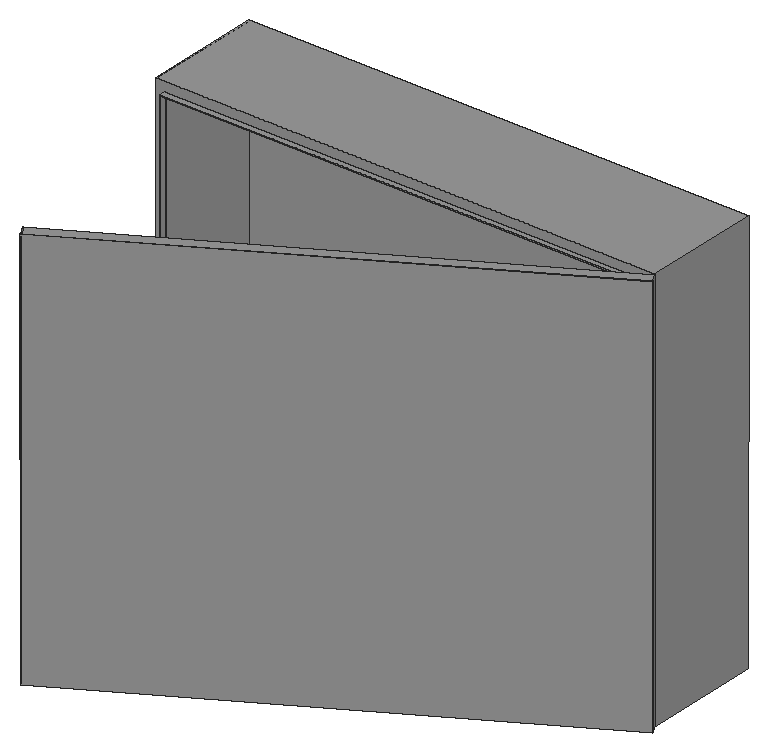
Revit family "Hager-Univers-IP44-D205-H650-Cl.I-Encl-NoHosted-SE-en", category Equipement électrique, Revit 2020
Family settings
  Configuration du panneau = Deux colonnes, circuits au sein
  Cote de connecteur circulaire = Utiliser le diamètre
  Type d'élément = Tableau de raccordement
  Basée sur le plan de construction = Oui
  Toujours verticalement = Oui
  Couper avec des vides une fois chargée = Non
  Partagée = Non
  Point de calcul de pièce = Non
Parameters (values of type "Surface mounted (plaster) IP44 W800 H650 D205  - FP43TN2")
  Width Control [instance] = if([EF000008 - Width] > Min Width, [EF000008 - Width], Min Width)  # 800 mm
  Commentaires du type = [HG000003 - Range]  # "Univers"
  Thickness Door [instance] = if([EF009171 - Material plate thickness door/cover] > 3 mm, 3 mm, [EF009171 - Material plate thickness door/cover])  # 1 mm
  Seal Frame Offset [instance] = 17 mm  # constant formula
  Plinth Visibility [instance] = [HG000027 - Plinth height] > 0 mm  # no
  Min Width [instance] = 100 mm  # constant formula
  Min Depth [instance] = (2 * [EF009170 - Material plate thickness cabinet]) + 1 mm  # 3 mm
  Min Height [instance] = 100 mm  # constant formula
  Internal Frame Depth [instance] = (Door System Depth * 0.5)  # 9 mm
  Panel Name [instance] = ""  # (empty or 0)
  Model = ""
  HG000027 - Plinth height = 0 mm
  HG000026 - Floor standing = no
  HG000024 - Bottom section height = 600 mm
  HG000023 - Double section enclosure = no
  HG000016 - Door 3d visibility [instance] = yes
  HG000015 - Clearance visibility [instance] = no
  HG000014 - Door on the right [instance] = yes
  HG000013 - Door on the left [instance] = not([HG000014 - Door on the right])  # no
  HG000012 - Door swing angle [instance] = 30.00°
  HG000010 - Asymmetric doors = no
  HG000009 - Double swing door = no
  HG000006 - Flush mounted = no
  HG000004 - Manufacturer reference = "FP43TN2"
  HG000003 - Range = "Univers"
  HG000002 - With door or cover = yes
  Frame Offset Bottom [instance] = 10 mm  # constant formula
  Frame Offset [instance] = 15 mm  # constant formula
  EF015940 - Cover with overpressure release = no
  EF011959 - Degree of protection (NEMA) = ""
  EF009554 - Number of openings for flange plates = 6
  EF009212 - Cover model = "EV000116 - Closed"
  EF009171 - Material plate thickness door/cover = 1 mm
  EF009170 - Material plate thickness cabinet = 1 mm
  EF008873 - Nominal current (In) = 250 A
  EF007800 - Suitable for lightning protection = no
  EF006306 - With lock = no
  EF006244 - Transparent cover/door = no
  EF005474 - Degree of protection (IP) = "EV006418 - IP44"
  EF004464 - Type of door = "EV002646 - Single"
  EF004427 - Number of modules = 144
  EF004293 - Impact strength = "EV006815 - IK09"
  EF003532 - Suitable for outdoor use = no
  EF002950 - Width in number of modular spacings = 36
  EF001613 - Circuit integrity = "EV000494 - None"
  EF001596 - Material housing = "EV000179 - Steel"
  EF001131 - Internal depth = 205 mm
  EF001088 - Extension possible = yes
  EF000437 - Number of conduit inlets = 6
  EF000339 - Type of cover = "EV001012 - Cover"
  EF000266 - Number of rows = 4
  EF000218 - Built-in depth = 205 mm
  EF000118 - With mounting plate = no
  EF000116 - RAL-number = "9010"
  EF000049 - Depth = 205 mm
  EF000040 - Height = 650 mm
  EF000008 - Width = 800 mm
  EF000007 - Colour = "EV000202 - White"
  EF000003 - Mounting method = "EV000384 - Surface mounted (plaster)"
  Door System Leaf Tolerance [instance] = 1.5 mm  # constant formula
  Door System Depth [instance] = 18 mm  # constant formula
  Door Height [instance] = Height Control - [HG000027 - Plinth height]  # 650 mm
  Description = ""
  Default Elevation = 1219.2 mm
  Connector Offset [instance] = Height Control / 2  # 325 mm
  Fabricant = "Hager"  # constant formula
  Height Control [instance] = if([EF000040 - Height] > Min Height, [EF000040 - Height], Min Height)  # 650 mm
  Depth Control [instance] = if([EF000049 - Depth] > Min Depth, [EF000049 - Depth], Min Depth)  # 205 mm
  Bottom Top Plate Trim [instance] = 1.5 mm  # constant formula
  Plinth height Ctrl [instance] = if([HG000027 - Plinth height] > 0 mm, [HG000027 - Plinth height], 12 mm)  # 12 mm
Types (5, lengths in mm): name | Width Control | HG000010 - Asymmetric doors | HG000009 - Double swing door | HG000004 - Manufacturer reference | EF009554 - Number of openings for flange plates | EF004464 - Type of door | EF004427 - Number of modules | EF002950 - Width in number of modular spacings | EF000437 - Number of conduit inlets | EF000008 - Width
  Surface mounted (plaster) IP44 W1050 H650 D205  - FP44TN2 | 1050 | no | yes | "FP44TN2" | 8 | "EV003602 - Double" | 192 | 48 | 8 | 1050
  Surface mounted (plaster) IP44 W1300 H650 D205  - FP45TN2 | 1300 | yes | yes | "FP45TN2" | 10 | "EV003602 - Double" | 240 | 60 | 10 | 1300
  Surface mounted (plaster) IP44 W300 H650 D205  - FP41TN2 | 300 | no | no | "FP41TN2" | 2 | "EV002646 - Single" | 48 | 12 | 2 | 300
  Surface mounted (plaster) IP44 W550 H650 D205  - FP42TN2 | 550 | no | no | "FP42TN2" | 4 | "EV002646 - Single" | 96 | 24 | 4 | 550
  Surface mounted (plaster) IP44 W800 H650 D205  - FP43TN2 | 800 | no | no | "FP43TN2" | 6 | "EV002646 - Single" | 144 | 36 | 6 | 800
Reference planes
  plane 1 "Center (Front/Back)": y = 0
  plane 2: z = 0
  plane 3 "Center (Left/Right)": x = 0
  plane 4: y = 0
  plane 5: y = 0
  plane 6: z = 0
  plane 7: x = -400
  plane 8: x = 400
  plane 9: x = 399
  plane 10: x = -399
  plane 11: z = 0
  plane 12: z = 1
  plane 13: y = -205
  plane 14: y = -1
  plane 15: x = 0
  plane 16: y = -187
  plane 17: y = -204
  plane 18: y = -186
  plane 19: x = -384
  plane 20: x = 384
  plane 21: z = 11
  plane 22: x = -383
  plane 23: x = 383
  plane 24: z = 0
  plane 25: z = 650
  plane 26: z = 650
  plane 27: z = 634
  plane 28: z = 649
Forms (mm)
  Extrusion 1, solid, material "Hager_Steel_RAL7035_Light_Grey", detail levels medium+fine
    sketch origin (-208.679, -4572, 0) x (-1, 0, 0) y (0, -1, 0)
      loop
        line (191.321, -4385) -> (-608.679, -4385) -> (-608.679, -4572) -> (191.321, -4572) -> (191.321, -4385)
    from 0 to 650
  Extrusion 2, void
    sketch origin (-350.771, -205, 1219.2) x (1, 0, 0) y (0, 0, 1)
      loop
        line (-48.229, -570.2) -> (-48.229, -1218.2) -> (749.771, -1218.2) -> (749.771, -570.2) -> (-48.229, -570.2)
    from -19 to -204
  Extrusion 3, void
    sketch origin (-290.084, -187, 1219.2) x (1, 0, 0) y (0, 0, 1)
      loop
        line (-93.916, -1208.2) -> (674.084, -1208.2) -> (674.084, -585.2) -> (-93.916, -585.2) -> (-93.916, -1208.2)
    from 0 to -1
  Extrusion 4, solid, material "Hager_Steel_RAL7035_Light_Grey", visible <- "Plinth Visibility", detail levels medium+fine
    sketch origin (0, 0, 0) x (1, 0, 0) y (0, 1, 0)
      loop
        line (-400, 0) -> (-400, -187) -> (400, -187) -> (400, 0) -> (-400, 0)
    from 0 to 12 <- "Plinth height Ctrl"
  Extrusion 5, solid, material "Hager_Steel_RAL7035_Light_Grey", detail levels coarse
    sketch origin (0, 0, 0) x (1, 0, 0) y (0, 1, 0)
      loop
        line (-400, 0) -> (-400, -205) -> (400, -205) -> (400, 0) -> (-400, 0)
    from 0 to 650 <- "Height Control"
  Sweep 6, void
    path in 3D
      loop
        line (-400, -187, 12) -> (400, -187, 12) -> (400, 0, 12) -> (-400, 0, 12) -> (-400, -187, 12)
    profile origin (-400, -93.5, 12) x (1, 0, 0) y (0, 0, 1)
      loop
        line (0, 0) -> (0, -1.5) -> (1.5, -1.5)
        arc (1.5, -1.5) -> (1.061, -0.439) -> (0, 0) r 1.5
  Extrusion 7, solid, material "Hager_Steel_RAL7035_Light_Grey", detail levels fine
    sketch origin (-400, -187, 0) x (1, 0, 0) y (0, 0, 1)
      loop
        line (16, 11) -> (784, 11) -> (784, 634) -> (16, 634) -> (16, 11)
      loop
        line (15, 10) -> (785, 10) -> (785, 635) -> (15, 635) -> (15, 10)
    from 0 to 9 <- "Internal Frame Depth"
Cuts and joins
  Extrusion 2, Extrusion 3 cuts Extrusion 1
  Sweep 6 cuts Extrusion 4
Lines and regions (mm)
  Masking region 1
    outline origin (0, 0, 0) x (1, 0, 0) y (0, 1, 0)
      loop
        line (-400, 0) -> (-400, -205) -> (400, -205) -> (400, 0) -> (-400, 0)
  Masking region 2, detail levels coarse
    outline origin (-290.084, -187, 1219.2) x (-1, 0, 0) y (0, 0, 1)
      loop
        line (-690.084, -1219.2) -> (109.916, -1219.2) -> (109.916, -569.2) -> (-690.084, -569.2) -> (-690.084, -1219.2)
  Masking region 3, detail levels coarse
    outline origin (0, 0, 0) x (0, 1, 0) y (0, 0, 1)
      loop
        line (0, 0) -> (0, 650) -> (-205, 650) -> (-205, 0) -> (0, 0)
  Masking region 4, visible <- "Plinth Visibility", detail levels medium+fine
    outline origin (0, 0, 0) x (0, 1, 0) y (0, 0, 1)
      loop
        line (-1.5, 12) -> (-185.5, 12)
        arc (-185.5, 12) -> (-185.939, 10.939) -> (-187, 10.5) r 1.5
        line (-187, 10.5) -> (-187, 0) -> (0, 0) -> (0, 10.5)
        arc (0, 10.5) -> (-1.061, 10.939) -> (-1.5, 12) r 1.5
  Masking region 5, detail levels medium+fine
    outline origin (0, 0, 594.038) x (0, 1, 0) y (0, 0, 1)
      loop
        line (0, -594.038) -> (0, 55.962) -> (-187, 55.962) -> (-187, -594.038) -> (0, -594.038)
  Masking region 6, detail levels medium+fine
    outline origin (-359.7, -187, 1211.883) x (-1, 0, 0) y (0, 0, 1)
      loop
        line (-759.7, -1211.883) -> (40.3, -1211.883) -> (40.3, -561.883) -> (-759.7, -561.883) -> (-759.7, -1211.883)
  Masking region 7, visible <- "Plinth Visibility", detail levels medium+fine
    outline origin (-320.334, -187, 1041.368) x (-1, 0, 0) y (0, 0, 1)
      loop
        line (-720.334, -1041.368) -> (79.666, -1041.368) -> (79.666, -1030.868)
        arc (79.666, -1030.868) -> (78.606, -1030.429) -> (78.166, -1029.368) r 1.5
        line (78.166, -1029.368) -> (-718.834, -1029.368)
        arc (-718.834, -1029.368) -> (-719.273, -1030.429) -> (-720.334, -1030.868) r 1.5
        line (-720.334, -1030.868) -> (-720.334, -1041.368)
  sketch lines
    curve 1: line (-400, 0, 12) -> (-400, -187, 12)
    curve 2: line (-400, -187, 12) -> (400, -187, 12)
    curve 3: line (400, 0, 12) -> (-400, 0, 12)
    curve 4: line (400, -187, 12) -> (400, 0, 12)
Dimensions and locks
  locked: plane 1 "Center (Front/Back)" to plane 5
  "EF009170 - Material plate thickness cabinet": plane 7 to plane 10
  "EF009170 - Material plate thickness cabinet": plane 8 to plane 9
  equal spacing: plane 7, plane 3 "Center (Left/Right)", plane 8
  "Width Control": plane 7 to plane 8
  "Depth Control": plane 4 to plane 13
  "EF009170 - Material plate thickness cabinet": plane 4 to plane 14
  "Height Control": plane 25 to level
  "HG000027 - Plinth height": plane 11 to level
  "EF009170 - Material plate thickness cabinet": plane 12 to plane 11
  "EF009170 - Material plate thickness cabinet": plane 17 to plane 13
  "EF009170 - Material plate thickness cabinet": plane 18 to plane 16
  "Frame Offset Bottom": plane 21 to plane 12
  "Frame Offset": plane 10 to plane 19
  "Frame Offset": plane 9 to plane 20
  "Door System Depth": plane 16 to plane 13
  "Seal Frame Offset": plane 7 to plane 22
  "Seal Frame Offset": plane 8 to plane 23
  "EF009170 - Material plate thickness cabinet": plane 26 to plane 28
  "Frame Offset": plane 28 to plane 27
  "Connector Offset": plane 2 to connector elem
  "Bottom Top Plate Trim": profile plane to Sweep 6 sketch curve
  "Bottom Top Plate Trim": Sweep 6 sketch curve to Sweep 6 sketch curve
  "Plinth height Ctrl": Masking region 4 sketch curve to level
  "Plinth height Ctrl": Masking region 7 sketch curve to level
  "Thickness Door": Extrusion 7 sketch curve to Extrusion 7 sketch curve  (x4)
  "Bottom Top Plate Trim": radius of Sweep 6 sketch curve
  "Bottom Top Plate Trim": radius of Masking region 4 sketch curve  (x2)
  "Bottom Top Plate Trim": radius of Masking region 7 sketch curve  (x2)
  aligned and locked: Extrusion 2 sketch curve to plane 12
  aligned and locked: Extrusion 2 sketch curve to plane 9
  aligned and locked: Extrusion 2 sketch curve to plane 10
  aligned and locked: Extrusion 2 to plane 14
  aligned and locked: Extrusion 1 sketch curve to plane 4
  aligned and locked: plane 8 to Extrusion 1 sketch curve
  aligned and locked: plane 7 to Extrusion 1 sketch curve
  aligned and locked: Extrusion 2 to plane 18
  aligned and locked: Extrusion 3 sketch curve to plane 19
  aligned and locked: plane 20 to Extrusion 3 sketch curve
  aligned and locked: Extrusion 3 to Extrusion 2
  aligned and locked: Extrusion 3 sketch curve to plane 21
  aligned and locked: plane 3 "Center (Left/Right)" to nested 1
  aligned and locked: Extrusion 1 sketch curve to plane 16
  aligned and locked: Extrusion 4 sketch curve to cut or joined group of Extrusion 1, Extrusion 2, Extrusion 3
  aligned and locked: Masking region 1 sketch curve to plane 7
  aligned and locked: Masking region 1 sketch curve to plane 5
  aligned and locked: Masking region 1 sketch curve to plane 8
  aligned and locked: Masking region 2 sketch curve to level
  aligned and locked: level to Masking region 3 sketch curve
  aligned and locked: plane 1 "Center (Front/Back)" to Masking region 3 sketch curve
  aligned and locked: plane 13 to Masking region 3 sketch curve
  aligned and locked: plane 5 to Masking region 4 sketch curve
  aligned and locked: Masking region 2 sketch curve to plane 8
  aligned and locked: Masking region 2 sketch curve to plane 7
  aligned and locked: plane 7 to nested 2
  aligned and locked: nested 2 to plane 5
  aligned and locked: plane 5 to Masking region 5 sketch curve
  aligned and locked: plane 26 to Masking region 5 sketch curve
  aligned and locked: Extrusion 5 sketch curve to plane 8
  aligned and locked: Extrusion 5 sketch curve to plane 7
  aligned and locked: Extrusion 5 sketch curve to plane 5
  aligned and locked: Extrusion 3 sketch curve to plane 27
  aligned and locked: Extrusion 2 sketch curve to plane 28
  aligned and locked: Masking region 2 to plane 25
  aligned and locked: Extrusion 4 to plane 16
  aligned and locked: profile plane to Sweep 6 sketch curve
  aligned and locked: Masking region 5 sketch curve to plane 24
  aligned and locked: level to Masking region 4 sketch curve
  aligned and locked: Masking region 1 to plane 13
  aligned and locked: nested 1 to plane 16
  aligned and locked: Masking region 3 to plane 25
  aligned and locked: plane 16 to Masking region 4 sketch curve
  aligned and locked: Masking region 5 sketch curve to plane 16
  aligned and locked: plane 24 to plane 11
  aligned and locked: plane 26 to plane 25
  aligned and locked: plane 26 to cut or joined group of Extrusion 1, Extrusion 2, Extrusion 3
  aligned and locked: nested 1 to plane 24
  aligned and locked: Extrusion 1 to Extrusion 3
  aligned and locked: Masking region 6 sketch curve to plane 8
  aligned and locked: Masking region 6 sketch curve to plane 24
  aligned and locked: Masking region 6 sketch curve to plane 7
  aligned and locked: Masking region 6 sketch curve to plane 26
  aligned and locked: Masking region 7 sketch curve to plane 7
  aligned and locked: level to Masking region 7 sketch curve
  aligned and locked: Masking region 7 sketch curve to plane 8
  aligned and locked: Extrusion 7 sketch curve to cut or joined group of Extrusion 1, Extrusion 2, Extrusion 3  (x4)
Automatic sketch dimensions
  plane 19 to Extrusion 3 sketch curve = 0 mm
  Extrusion 3 sketch curve to plane 20 = 0 mm
  Extrusion 3 sketch curve to plane 21 = 0 mm
  Extrusion 4 sketch curve to plane 7 = 0 mm
  Extrusion 4 sketch curve to plane 8 = 0 mm
  Extrusion 4 sketch curve to plane 16 = 0 mm
  Masking region 1 sketch curve to plane 13 = 0 mm
  Masking region 2 sketch curve to plane 25 = 0 mm
  Masking region 3 sketch curve to plane 25 = 0 mm
  Extrusion 5 sketch curve to plane 13 = 0 mm
  profile plane to Sweep 6 sketch curve = 0 mm
Nested families
  nested 1: "EC000058_Univers_Door" at (0, -187, 0), Double <- "HG000009 - Double swing door", Transparent <- "EF006244 - Transparent cover/door", Angle <- "HG000012 - Door swing angle", Door_Right <- "HG000014 - Door on the right", Assymetrical <- "HG000010 - Asymmetric doors", Door <- "HG000002 - With door or cover", Width_Ctrl <- "Width Control", 3d_Door <- "HG000016 - Door 3d visibility", Clearance <- "HG000015 - Clearance visibility", Door_Left <- "HG000013 - Door on the left", Width <- "Width Control", Door_Depth <- "Door System Depth", Leaf_Tolerance <- "Door System Leaf Tolerance", Height <- "Door Height", Lock_Visibility <- "EF006306 - With lock", Thickness <- "Thickness Door", type "EC000058_Univers_Door", detail levels medium+fine
    with min_wh 3 mm, Width_Ctrl 800 mm, Width 800 mm, Transparent no, Thickness 1 mm, Seal_Material Hager_Rubber, Lock_Visibility no, Lock_Material Hager_Plastic_RAL9005_Jet_Black, Leaf_Width 800 mm, Leaf_Tolerance_External_Sides 0 mm, Leaf_Tolerance 1.5 mm, Leaf_Offset 0 mm, Leaf_Height 647 mm, Leaf_2_Width 800 mm, Leaf_2_Offset 400 mm, Leaf_1_Width 800 mm, Leaf_1_Offset 400 mm, Height_Ctrl 650 mm, Height 650 mm, Glass_Material Hager_Glass, Double_Clearance_Ctrl no, Double no, Door_Right_Ctrl yes, Door_Right yes, Door_Material Hager_Steel_RAL7035_Light_Grey, Door_Left_Ctrl no, Door_Left no, Door_Depth 18 mm, Door yes, Clearance_Material Hager_Clearance, Clearance_Depth 800 mm, Clearance_Ctrl no, Clearance no, Assymetrical no, Angle 30.00°, 3d_Door yes
  nested 2: "Hager_Enclosure_Symbol" at (-400, 0, 0), Height <- "Depth Control", Width <- "Width Control", type "Hager_Enclosure_Symbol"
    with Width_Ctrl 800 mm, Width 800 mm, Height_Ctrl 205 mm, Height 205 mm, A_Width_Int 13.453 mm, A_Width 161.438 mm, A_Height_Ctrl 179.375 mm, A_Height 179.375 mm
Connectors
  electrical at (0, 0, 325)
    settings: on plane 1 "Center (Front/Back)", index 1, voltage 0 V, apparent load 0 VA, apparent load phase1 0 VA, apparent load phase2 0 VA, apparent load phase3 0 VA, power factor 1, load classification "Other", number of poles 1, system type 30, power factor state 1, is connector primary yes, connector utility no, sub classification motor no, connector description ""
Definition of nested family "EC000058_Univers_Door"
  Parameters (values of type "EC000058_Univers_Door")
    min_wh [instance] = (2 * Thickness) + 1 mm  # 11 mm
    Width_Ctrl [instance] = 400 mm
    Width [instance] = 500 mm
    Transparent [instance] = yes
    Thickness [instance] = 5 mm
    Seal_Material [instance] = none
    Lock_Visibility [instance] = yes
    Lock_Material [instance] = none
    Leaf_Width [instance] = if((Width_Ctrl - 2 * Leaf_Tolerance_External_Sides) > 0 mm, (Width_Ctrl - 2 * Leaf_Tolerance_External_Sides), min_wh)  # 400 mm
    Leaf_Tolerance_External_Sides [instance] = 0 mm  # constant formula
    Leaf_Tolerance [instance] = 1.5 mm
    Leaf_Offset [instance] = 0 mm  # constant formula
    Leaf_Height [instance] = if((Height_Ctrl - 2 * Leaf_Tolerance) > 0 mm, (Height_Ctrl - 2 * Leaf_Tolerance), min_wh)  # 497 mm
    Leaf_2_Width [instance] = if(and(and(Double, Assymetrical), Door_Left), (Leaf_Width / 3) - (Leaf_Tolerance / 2), if(and(and(Double, Assymetrical), Door_Right), (Leaf_Width / 3) * 2 - (Leaf_Tolerance / 2), if(and(Double, not(Assymetrical)), (Leaf_Width / 2) - Leaf_Tolerance, Leaf_Width)))  # 400 mm
    Leaf_2_Offset [instance] = if(and(Double, Assymetrical), Leaf_2_Width / 2, if(and(Double, not(Assymetrical)), Leaf_Width / 4, Leaf_Width / 2))  # 200 mm
    Leaf_1_Width [instance] = if(and(and(Double, Assymetrical), Door_Right), (Leaf_Width / 3) - (Leaf_Tolerance / 2), if(and(and(Double, Assymetrical), Door_Left), (Width / 3) * 2 - (Leaf_Tolerance / 2), if(and(Double, not(Assymetrical)), (Leaf_Width / 2) - Leaf_Tolerance, Leaf_Width)))  # 400 mm
    Leaf_1_Offset [instance] = if(and(Double, Assymetrical), Leaf_1_Width / 2, if(and(Double, not(Assymetrical)), Leaf_Width / 4, Leaf_Width / 2))  # 200 mm
    Height_Ctrl [instance] = if(Height > min_wh, Height, min_wh)  # 500 mm
    Height [instance] = 500 mm
    Glass_Material [instance] = none
    Double_Clearance_Ctrl [instance] = and(Double, Clearance)  # no
    Double [instance] = no
    Door_Right_Ctrl [instance] = and(or(Door_Right, Double), Door)  # yes
    Door_Right [instance] = yes
    Door_Material [instance] = none
    Door_Left_Ctrl [instance] = and(or(Door_Left, Double), Door)  # no
    Door_Left [instance] = no
    Door_Depth [instance] = 30 mm
    Door [instance] = yes
    Default Elevation = 1219.2 mm
    Clearance_Material [instance] = none
    Clearance_Depth [instance] = if(Leaf_1_Width > Leaf_2_Width, Leaf_1_Width, Leaf_2_Width)  # 400 mm
    Clearance_Ctrl [instance] = and(not(Double), Clearance)  # yes
    Clearance [instance] = yes
    Assymetrical [instance] = yes
    Angle [instance] = 30.00°
    3d_Door [instance] = yes
  Reference planes
    plane 1 "Center (Front/Back)": y = 0
    plane 2 "Bottom": z = 0
    plane 3 "Center (Left/Right)": x = 0
    plane 4: z = 500
    plane 5: x = -200
    plane 6: x = 200
    plane 7: z = 500
    plane 8: x = -200
    plane 9: z = 0
    plane 10: x = 200
    plane 11: y = 0
    plane 12: z = 1.5
    plane 13: x = -600
    plane 14: y = -400
    plane 15: x = 600
    plane 16: x = 0
    plane 17: x = 0
    plane 18: x = -200
    plane 19: x = 200
    plane 20: z = 498.5
  Forms (mm)
    Extrusion 1, solid, material <- "Clearance_Material", visible <- "Double_Clearance_Ctrl"
      sketch origin (1200, 0, 0) x (1, 0, 0) y (0, 0, -1)
        loop
          line (-1800, -498.5) -> (-600, -498.5) -> (-600, 0) -> (-1800, 0) -> (-1800, -498.5)
      from 0 to -400
  Dimensions and locks
    equal spacing: plane 5, plane 3 "Center (Left/Right)", plane 6
    "Width_Ctrl": plane 5 to plane 6
    "Leaf_Offset": plane 5 to plane 8
    "Leaf_Offset": plane 6 to plane 10
    "Leaf_Offset": plane 9 to level
    "Leaf_Offset": plane 4 to plane 7
    "Height_Ctrl": plane 4 to level
    "Leaf_Tolerance": plane 12 to plane 9
    locked: plane 11 to plane 1 "Center (Front/Back)"
    "Leaf_1_Offset": plane 18 to plane 16
    "Leaf_2_Offset": plane 17 to plane 19
    "Leaf_1_Width": plane 13 to plane 8
    "Leaf_2_Width": plane 10 to plane 15
    "Clearance_Depth": plane 14 to plane 1 "Center (Front/Back)"
    "Leaf_Tolerance_External_Sides": plane 8 to plane 18
    "Leaf_Tolerance_External_Sides": plane 19 to plane 10
    "Leaf_Tolerance": plane 7 to plane 20
    aligned and locked: level to plane 2 "Bottom"
    aligned and locked: nested 1 to plane 16
    aligned and locked: nested 2 to plane 17
    aligned and locked: Extrusion 1 to plane 13
    aligned and locked: plane 15 to Extrusion 1
    aligned and locked: Extrusion 1 to plane 14
    aligned and locked: plane 12 to nested 1
    aligned and locked: nested 2 to plane 12
    aligned and locked: Extrusion 1 to plane 11
    aligned and locked: plane 20 to Extrusion 1
    aligned and locked: nested 2 to plane 11
    aligned and locked: nested 1 to plane 11
  Automatic sketch dimensions
    Extrusion 1 sketch curve to level = 0 mm
    plane 5 to Extrusion 1 sketch curve = 400 mm
    plane 6 to Extrusion 1 sketch curve = 400 mm
    Extrusion 1 sketch curve to plane 4 = 1.5 mm
  Nested families
    nested 1: "EC000058_Univers_Door_Leaf" at (0, 0, 1.5), Width <- "Leaf_1_Width", visible <- "Door_Left_Ctrl", Leaf_Height <- "Leaf_Height", Angle <- "Angle", 3d_Door <- "3d_Door", Transparent <- "Transparent", Clearance Material <- "Clearance_Material", Clearance <- "Clearance_Ctrl", Door_Material <- "Door_Material", Glass_Material <- "Glass_Material", Door_Depth <- "Door_Depth", Lock_Material <- "Lock_Material", Seal_Material <- "Seal_Material", Lock_Visibility <- "Lock_Visibility", Thickness <- "Thickness", type "EC000058_Univers_Door_Leaf"
      with Width 400 mm, Transparent_Glass_Offset 30 mm, Transparent_Ctrl yes, Transparent yes, Thickness 5 mm, Standard no, Seal_Material none, Seal_D2 8 mm, Seal_D1 1 mm, Offset_Internal_Frame 10 mm, Lock_Width 20 mm, Lock_Visibility_3d yes, Lock_Visibility yes, Lock_Thickness_3 3 mm, Lock_Thickness_2 1 mm, Lock_Thickness_1 3 mm, Lock_Radius_Offset_2 16 mm, Lock_Radius_Offset_1 15 mm, Lock_Radius_2 5 mm, Lock_Radius 6 mm, Lock_Offset 5 mm, Lock_Material none, Lock_Height 80 mm, Lock_Cover_Top_Offset_2d 17 mm, Lock_Cover_Height -65 mm, Leaf_Height 497 mm, Internal_Seal_Thickness 8 mm, Internal_Seal_Depth_2 4.5 mm, Internal_Frame_Depth 25 mm, Glass_Thickness -1 mm, Glass_Offset -2 mm, Glass_Material none, Door_Material none, Door_Depth 30 mm, Clearance Material none, Clearance yes, Angle_Ctrl 30.00°, Angle 30.00°, 3d_Door yes
    nested 2: "EC000058_Univers_Door_Leaf" at (0, 0, 1.5) x (-1, 0, 0) z (0, 0, 1), Width <- "Leaf_2_Width", visible <- "Door_Right_Ctrl", Leaf_Height <- "Leaf_Height", Angle <- "Angle", 3d_Door <- "3d_Door", Transparent <- "Transparent", Clearance Material <- "Clearance_Material", Clearance <- "Clearance_Ctrl", Door_Material <- "Door_Material", Glass_Material <- "Glass_Material", Door_Depth <- "Door_Depth", Lock_Material <- "Lock_Material", Seal_Material <- "Seal_Material", Lock_Visibility <- "Lock_Visibility", Thickness <- "Thickness", type "EC000058_Univers_Door_Leaf"
      with Width 400 mm, Transparent_Glass_Offset 30 mm, Transparent_Ctrl yes, Transparent yes, Thickness 5 mm, Standard no, Seal_Material none, Seal_D2 8 mm, Seal_D1 1 mm, Offset_Internal_Frame 10 mm, Lock_Width 20 mm, Lock_Visibility_3d yes, Lock_Visibility yes, Lock_Thickness_3 3 mm, Lock_Thickness_2 1 mm, Lock_Thickness_1 3 mm, Lock_Radius_Offset_2 16 mm, Lock_Radius_Offset_1 15 mm, Lock_Radius_2 5 mm, Lock_Radius 6 mm, Lock_Offset 5 mm, Lock_Material none, Lock_Height 80 mm, Lock_Cover_Top_Offset_2d 17 mm, Lock_Cover_Height -65 mm, Leaf_Height 497 mm, Internal_Seal_Thickness 8 mm, Internal_Seal_Depth_2 4.5 mm, Internal_Frame_Depth 25 mm, Glass_Thickness -1 mm, Glass_Offset -2 mm, Glass_Material none, Door_Material none, Door_Depth 30 mm, Clearance Material none, Clearance yes, Angle_Ctrl 30.00°, Angle 30.00°, 3d_Door yes
  Definition of nested family "EC000058_Univers_Door_Leaf"
    Parameters (values of type "EC000058_Univers_Door_Leaf")
      Width [instance] = 2000 mm
      Transparent_Glass_Offset [instance] = 30 mm
      Transparent_Ctrl [instance] = and(Transparent, [3d_Door])  # yes
      Transparent [instance] = yes
      Thickness [instance] = 5 mm
      Standard [instance] = and(not(Transparent), [3d_Door])  # no
      Seal_Material [instance] = none
      Seal_D2 [instance] = 8 mm  # constant formula
      Seal_D1 [instance] = 1 mm  # constant formula
      Offset_Internal_Frame [instance] = 10 mm  # constant formula
      Lock_Width [instance] = 20 mm  # constant formula
      Lock_Visibility_3d [instance] = and(Lock_Visibility, [3d_Door])  # yes
      Lock_Visibility [instance] = yes
      Lock_Thickness_3 [instance] = 3 mm  # constant formula
      Lock_Thickness_2 [instance] = 1 mm  # constant formula
      Lock_Thickness_1 [instance] = 3 mm  # constant formula
      Lock_Radius_Offset_2 [instance] = Lock_Radius_Offset_1 + 1 mm  # 16 mm
      Lock_Radius_Offset_1 [instance] = 15 mm  # constant formula
      Lock_Radius_2 [instance] = Lock_Radius - 1 mm  # 5 mm
      Lock_Radius [instance] = 6 mm  # constant formula
      Lock_Offset [instance] = 5 mm  # constant formula
      Lock_Material [instance] = none
      Lock_Height [instance] = 80 mm  # constant formula
      Lock_Cover_Top_Offset_2d [instance] = Lock_Radius_Offset_2 + 1 mm  # 17 mm
      Lock_Cover_Height [instance] = -(Lock_Height - Lock_Radius_Offset_1)  # -65 mm
      Leaf_Height [instance] = 2720.336 mm
      Internal_Seal_Thickness [instance] = 8 mm  # constant formula
      Internal_Seal_Depth_2 [instance] = 4.5 mm  # constant formula
      Internal_Frame_Depth [instance] = if(Door_Depth - Thickness > 5 mm, Door_Depth - Thickness, 5 mm)  # 25 mm
      Glass_Thickness [instance] = if(Thickness > 15 mm, Glass_Offset + 10 mm, -1 mm)  # -1 mm
      Glass_Offset [instance] = if(Thickness > 15 mm, -(Thickness + 10 mm) / 2, -2 mm)  # -2 mm
      Glass_Material [instance] = none
      Door_Material [instance] = none
      Door_Depth [instance] = 30 mm
      Default Elevation = 0 mm
      Clearance Material [instance] = none
      Clearance [instance] = yes
      Angle_Ctrl [instance] = if(Angle > 180.00°, 180.00°, Angle)  # 90.00°
      Angle [instance] = 90.00°
      3d_Door [instance] = yes
    Reference planes
      plane 1 "Center (Front/Back)": y = 0
      plane 2: z = 0
      plane 3 "Center (Left/Right)": x = 0
      plane 4: y = 2000
      plane 5: x = -1000
      plane 6: x = 1000
      plane 7: x = -3000
      plane 8: z = 2720.336
      plane 9: z = 30
      plane 10: z = 2690.336
      plane 11: x = 970
      plane 12: x = -970
      plane 13: y = -3
      plane 14: z = 107.833
      plane 15: y = -5
      plane 16: y = -223.314
      plane 17: x = -1000
      plane 18: z = 1360.168
      plane 19: y = 30
    Forms (mm)
      Extrusion 1, solid, material <- "Clearance Material", visible <- "Clearance"
        sketch origin (0, 0, 0) x (1, 0, 0) y (0, 0, 1)
          loop
            line (-3000, 2720.336) -> (-3000, 0) -> (1000, 0) -> (1000, 2720.336) -> (-3000, 2720.336)
        from 0 to -2000
      Extrusion 2, solid, material <- "Door_Material", visible <- "Standard", detail levels medium+fine
        sketch origin (-1000, 0, 0) x (0, 1, 0) y (-1, 0, 0)
          loop
            line (0, 30) -> (0, 25) -> (2000, 25) -> (2000, 30) -> (0, 30)
        from 0 to 2720.336 <- "Leaf_Height"
      Extrusion 3, solid, material <- "Door_Material", visible <- "Transparent_Ctrl", detail levels medium+fine
        sketch origin (-1000, 0, 0) x (0, 1, 0) y (-1, 0, 0)
          loop
            line (0, 25) -> (2000, 25) -> (2000, 30) -> (0, 30) -> (0, 25)
        from 0 to 2720.336 <- "Leaf_Height"
      Extrusion 4, void
        sketch origin (-1025, 2000, 0) x (0, 1, 0) y (0, 0, -1)
          loop
            line (-30, -2690.336) -> (-30, -30) -> (-1970, -30) -> (-1970, -2690.336) -> (-30, -2690.336)
        from 0 to 5 <- "Thickness"
      Sweep 5, solid, material <- "Seal_Material", visible <- "Transparent_Ctrl", detail levels fine
        path in 3D
          loop
            line (-1025, 30, 30) -> (-1025, 30, 2690.336) -> (-1025, 1970, 2690.336) -> (-1025, 1970, 30) -> (-1025, 30, 30)
        profile origin (-1025, 1000, 30) x (1, 0, 0) y (0, 0, 1)
          loop
            line (0, 0) -> (0, -8) -> (1, -8) -> (1, 0) -> (0, 0)
      Extrusion 6, solid, material <- "Glass_Material", visible <- "Transparent_Ctrl", detail levels medium+fine
        sketch origin (-1030, 0, 0) x (0, 1, 0) y (0, 0, -1)
          loop
            line (1970, -2690.336) -> (1970, -30) -> (30, -30) -> (30, -2690.336) -> (1970, -2690.336)
        from -2 <- "Glass_Offset" to -1 <- "Glass_Thickness"
      Extrusion 7, solid, material <- "Door_Material", visible <- "3d_Door", detail levels medium+fine
        sketch origin (-1025, 2000, 0) x (0, -1, 0) y (0, 0, -1)
          loop
            line (0, -2720.336) -> (2000, -2720.336) -> (2000, 0) -> (0, 0) -> (0, -2720.336)
          loop
            line (1995, -5) -> (5, -5) -> (5, -2715.336) -> (1995, -2715.336) -> (1995, -5)
        from 0 to 25 <- "Internal_Frame_Depth"
      Sweep 8, solid, material <- "Seal_Material", visible <- "Transparent_Ctrl", detail levels fine
        path in 3D
          loop
            line (-1025, 0, 0) -> (-1025, 2000, 0) -> (-1025, 2000, 2720.336) -> (-1025, 0, 2720.336) -> (-1025, 0, 0)
        profile origin (-1025, 0, 1360.168) x (1, 0, 0) y (0, 1, 0)
          loop
            line (0, 10) -> (2.975, 10)
            arc (2.975, 10) -> (4.053, 10.447) -> (4.5, 11.525) r 1.525
            line (4.5, 11.525) -> (4.5, 16.527)
            arc (4.5, 16.527) -> (4.069, 17.569) -> (3.027, 18) r 1.473
            line (3.027, 18) -> (0, 18) -> (0, 10)
      Extrusion 9, solid, material <- "Lock_Material", visible <- "Lock_Visibility_3d", detail levels fine
        sketch origin (-1030, 0, 0) x (0, 1, 0) y (0, 0, -1)
          loop
            arc (1993.5, -1400.168) -> (1994.561, -1399.729) -> (1995, -1398.668) r 1.5
            line (1995, -1398.668) -> (1995, -1320.168) -> (1975, -1320.168) -> (1975, -1398.668)
            arc (1975, -1398.668) -> (1975.439, -1399.729) -> (1976.5, -1400.168) r 1.5
            line (1976.5, -1400.168) -> (1993.5, -1400.168)
        from 3 <- "Lock_Thickness_1" to 0
      Blend 10, solid, material <- "Lock_Material", visible <- "Lock_Visibility_3d", detail levels fine
        base sketch origin (-1033, 0, 0) x (0, 1, 0) y (0, 0, -1)
          loop
            line (1975, -1320.168) -> (1975, -1398.668)
            arc (1975, -1398.668) -> (1975.439, -1399.729) -> (1976.5, -1400.168) r 1.5
            line (1976.5, -1400.168) -> (1993.5, -1400.168)
            arc (1993.5, -1400.168) -> (1994.561, -1399.729) -> (1995, -1398.668) r 1.5
            line (1995, -1398.668) -> (1995, -1320.168) -> (1975, -1320.168)
        top sketch origin (-1033, 0, 0) x (0, 1, 0) y (0, 0, -1)
          loop
            line (1976, -1320.168) -> (1976, -1398.668)
            arc (1976, -1398.668) -> (1976.146, -1399.022) -> (1976.5, -1399.168) r 0.5
            line (1976.5, -1399.168) -> (1993.5, -1399.168)
            arc (1993.5, -1399.168) -> (1993.854, -1399.022) -> (1994, -1398.668) r 0.5
            line (1994, -1398.668) -> (1994, -1320.168) -> (1976, -1320.168)
        from 0 to 1 <- "Lock_Thickness_2"
      Blend 11, solid, material <- "Lock_Material", visible <- "Lock_Visibility_3d", detail levels fine
        base sketch origin (-1034, 0, 0) x (0, 1, 0) y (0, 0, -1)
          loop
            line (1978, -1320.168) -> (1978, -1384.168)
            arc (1978, -1384.168) -> (1985, -1391.168) -> (1992, -1384.168) r 7
            line (1992, -1384.168) -> (1992, -1320.168) -> (1978, -1320.168)
        top sketch origin (-1034, 0, 0) x (0, 1, 0) y (0, 0, -1)
          loop
            line (1991, -1320.168) -> (1979, -1320.168) -> (1979, -1383.168)
            arc (1979, -1383.168) -> (1985, -1389.168) -> (1991, -1383.168) r 6
            line (1991, -1383.168) -> (1991, -1320.168)
        from 0 to 3 <- "Lock_Thickness_3"
      Extrusion 12, solid, material <- "Lock_Material", visible <- "Lock_Visibility_3d", detail levels fine
        sketch origin (-1030, 1975, 1320.168) x (1, 0, 0) y (0, -1, 0)
          loop
            line (-7, -19) -> (-7, -1) -> (0, -1) -> (0, 0) -> (-8, 0) -> (-8, -20) -> (0, -20) -> (0, -19) -> (-7, -19)
        from 0 to -65 <- "Lock_Cover_Height"
      Extrusion 13, void
        sketch origin (-1038, 1995, 1320.168) x (-1, 0, 0) y (0, 0, -1)
          loop
            line (-5, -65) -> (0, -65) -> (-5, -60) -> (-5, -65)
        from 0 to 20 <- "Lock_Width"
      Extrusion 14, void
        sketch origin (-1038, 1975, 1320.168) x (0, -1, 0) y (0, 0, -1)
          loop
            circle (-10, -15.995) r 6
          loop
            circle (-10, -15.995) r 5
        from 0 to 2
      Extrusion 15, solid, material <- "Lock_Material", visible <- "Lock_Visibility_3d", detail levels medium
        sketch origin (-1030, 0, 0) x (0, 1, 0) y (0, 0, -1)
          loop
            arc (1993.5, -1400.168) -> (1994.561, -1399.729) -> (1995, -1398.668) r 1.5
            line (1995, -1398.668) -> (1995, -1320.168) -> (1975, -1320.168) -> (1975, -1398.668)
            arc (1975, -1398.668) -> (1975.439, -1399.729) -> (1976.5, -1400.168) r 1.5
            line (1976.5, -1400.168) -> (1993.5, -1400.168)
        from 8 to 0
    Cuts and joins
      Extrusion 4 cuts Extrusion 3
      Extrusion 13, Extrusion 14 cuts Extrusion 9
      Extrusion 14 cuts Blend 11
      Extrusion 13, Extrusion 14 cuts Extrusion 12
      joined: Extrusion 9, Blend 10, Blend 11, Extrusion 12
      Extrusion 14 cuts Extrusion 15
    Lines and regions (mm)
      Masking region 1, visible <- "Lock_Visibility", detail levels fine
        outline origin (0, 0, 0) x (0, 1, 0) y (0, 0, 1)
          loop
            line (30, 1320.168) -> (33, 1320.168) -> (33, 1400.168) -> (30, 1400.168) -> (30, 1320.168)
      Masking region 2, visible <- "Lock_Visibility", detail levels fine
        outline origin (0, 3.143, 0) x (0, 1, 0) y (0, 0, 1)
          loop
            line (29.857, 1354.168) -> (30.857, 1354.168) -> (30.857, 1366.168) -> (29.857, 1366.168) -> (29.857, 1354.168)
      Masking region 3, detail levels medium+fine
        outline origin (0, 0, 0) x (0, 1, 0) y (0, 0, 1)
          loop
            line (0, 0) -> (30, 0) -> (30, 2720.336) -> (0, 2720.336) -> (0, 0)
      Masking region 4, detail levels medium+fine
        outline origin (0, 0, 0) x (1, 0, 0) y (0, 0, 1)
          loop
            line (-1000, 2720.336) -> (-1000, 0) -> (1000, 0) -> (1000, 2720.336) -> (-1000, 2720.336)
      Masking region 5, visible <- "Lock_Visibility", detail levels fine
        outline origin (-47.116, 0, 0) x (1, 0, 0) y (0, 0, 1)
          loop
            arc (1024.616, 1399.168) -> (1023.556, 1398.729) -> (1023.116, 1397.668) r 1.5
            line (1023.116, 1397.668) -> (1023.116, 1320.168) -> (1041.116, 1320.168) -> (1041.116, 1397.668)
            arc (1041.116, 1397.668) -> (1040.677, 1398.729) -> (1039.616, 1399.168) r 1.5
            line (1039.616, 1399.168) -> (1024.616, 1399.168)
      Masking region 6, visible <- "Lock_Visibility", detail levels medium+fine
        outline origin (-25, 0, 0) x (1, 0, 0) y (0, 0, 1)
          loop
            arc (1001.5, 1400.168) -> (1000.439, 1399.729) -> (1000, 1398.668) r 1.5
            line (1000, 1398.668) -> (1000, 1320.168) -> (1020, 1320.168) -> (1020, 1398.668)
            arc (1020, 1398.668) -> (1019.561, 1399.729) -> (1018.5, 1400.168) r 1.5
            line (1018.5, 1400.168) -> (1001.5, 1400.168)
      Masking region 7, visible <- "Lock_Visibility", detail levels fine
        outline origin (-73.735, 0, 0) x (1, 0, 0) y (0, 0, 1)
          loop
            line (1051.735, 1382.168) -> (1065.735, 1382.168) -> (1065.735, 1384.168)
            arc (1065.735, 1384.168) -> (1058.735, 1391.168) -> (1051.735, 1384.168) r 7
            line (1051.735, 1384.168) -> (1051.735, 1382.168)
      Masking region 8, visible <- "Lock_Visibility", detail levels fine
        outline origin (-73.735, 0, 0) x (1, 0, 0) y (0, 0, 1)
          loop
            line (1052.735, 1382.168) -> (1064.735, 1382.168) -> (1064.735, 1383.168)
            arc (1064.735, 1383.168) -> (1058.735, 1389.168) -> (1052.735, 1383.168) r 6
            line (1052.735, 1383.168) -> (1052.735, 1382.168)
      Masking region 9, visible <- "Lock_Visibility", detail levels fine
        outline origin (-25, 0, 0) x (1, 0, 0) y (0, 0, 1)
          loop
            line (1020, 1320.168) -> (1020, 1382.168) -> (1000, 1382.168) -> (1000, 1320.168) -> (1020, 1320.168)
      Masking region 10, detail levels medium+fine
        outline origin (0, 0, 0) x (1, 0, 0) y (0, 0, 1)
          loop
            circle (985, 1335.144) r 6
      Masking region 11, detail levels fine
        outline origin (0, 0, 0) x (1, 0, 0) y (0, 0, 1)
          loop
            circle (985, 1335.144) r 5
      Masking region 12, visible <- "Lock_Visibility", detail levels fine
        outline origin (0, 12.767, 0) x (0, 1, 0) y (0, 0, 1)
          loop
            line (20.233, 1320.168) -> (21.233, 1320.168) -> (21.233, 1399.168) -> (20.233, 1400.168) -> (20.233, 1320.168)
      Masking region 13, visible <- "Lock_Visibility", detail levels fine
        outline origin (0, 13.767, -10) x (0, 1, 0) y (0, 0, 1)
          loop
            line (20.233, 1330.168) -> (23.233, 1330.168) -> (23.233, 1399.168) -> (20.233, 1402.168) -> (20.233, 1330.168)
      Masking region 14, visible <- "Lock_Visibility", detail levels fine
        outline origin (0, 12.767, -10) x (0, 1, 0) y (0, 0, 1)
          loop
            line (20.233, 1330.168) -> (25.233, 1330.168) -> (25.233, 1399.305) -> (20.233, 1394.305) -> (20.233, 1330.168)
      Masking region 15, visible <- "Lock_Visibility", detail levels medium
        outline origin (0, 0, 0) x (0, 1, 0) y (0, 0, 1)
          loop
            line (30, 1320.168) -> (38, 1320.168) -> (38, 1400.168) -> (30, 1400.168) -> (30, 1320.168)
      Masking region 16, visible <- "Lock_Visibility", detail levels fine
        outline origin (-1000, 0, 0) x (0, 1, 0) y (-1, 0, 0)
          loop
            line (1975, 30) -> (1995, 30) -> (1995, 38) -> (1975, 38) -> (1975, 30)
          loop
            line (1979, 37) -> (1976, 37) -> (1976, 34) -> (1978, 34) -> (1979, 37)
          loop
            line (1994, 37) -> (1991, 37) -> (1992, 34) -> (1994, 34) -> (1994, 37)
      Masking region 17, visible <- "Lock_Visibility", detail levels medium
        outline origin (-1000, 0, 0) x (0, 1, 0) y (-1, 0, 0)
          loop
            line (1975, 30) -> (1995, 30) -> (1995, 38) -> (1975, 38) -> (1975, 30)
      symbolic lines
        curve 1: line (1000, 0, 0) -> (-3000, 0, 0)
        curve 2: arc (1000, 0, 0) -> (-1000, 2000, 0) -> (-3000, 0, 0) r 2000
        curve 4: line (-1030, 0, 0) -> (-1030, 2000, 0)
      reference lines
        curve 3: line (-1000, 0, 0) -> (-1000, 2000, 0)
      symbolic lines, detail levels medium+fine
        curve 5: line (-1030, 2000, 0) -> (-1025, 2000, 0)
        curve 7: line (-1025, 0, 0) -> (-1030, 0, 0)
        curve 8: line (-1025, 0, 0) -> (-1000, 0, 0)
        curve 9: line (-1000, 0, 0) -> (-1000, 2000, 0)
        curve 10: line (-1000, 2000, 0) -> (-1025, 2000, 0)
      symbolic lines, detail levels fine
        curve 6: line (-1025, 2000, 0) -> (-1025, 0, 0)
      sketch lines
        curve 11: line (-1025, 0, 2720.336) -> (-1025, 0, 0)
        curve 12: line (-1025, 2000, 0) -> (-1025, 0, 0)
        curve 13: line (-1025, 2000, 2720.336) -> (-1025, 2000, 0)
        curve 14: line (-1025, 0, 2720.336) -> (-1025, 2000, 2720.336)
        curve 15: line (-1025, 1970, 30) -> (-1025, 30, 30)
        curve 16: line (-1025, 30, 30) -> (-1025, 30, 2690.336)
        curve 17: line (-1025, 1970, 2690.336) -> (-1025, 1970, 30)
        curve 18: line (-1025, 30, 2690.336) -> (-1025, 1970, 2690.336)
      symbolic lines, visible <- "Transparent", detail levels medium+fine
        curve 19: line (-970, 0, 2690.336) -> (970, 0, 2690.336)
        curve 20: line (-970, 0, 30) -> (-970, 0, 2690.336)
        curve 21: line (970, 0, 30) -> (-970, 0, 30)
        curve 22: line (970, 0, 2690.336) -> (970, 0, 30)
    Dimensions and locks
      "Width": plane 1 "Center (Front/Back)" to plane 4
      equal spacing: plane 5, plane 3 "Center (Left/Right)", plane 6
      "Width": plane 5 to plane 6
      "Width": plane 7 to plane 5
      "Leaf_Height": plane 8 to level
      "Width": curve 5 to curve 3
      "Width": curve 3 to curve 3
      plane 8 to plane 10 = 30 mm
      plane 9 to level = 30 mm
      plane 12 to plane 5 = 30 mm
      plane 6 to plane 11 = 30 mm
      Extrusion 1 to Extrusion 4 sketch curve = 30 mm
      "Transparent_Glass_Offset": curve 3 to Extrusion 4 sketch curve
      "Transparent_Glass_Offset": Extrusion 4 sketch curve to cut or joined group of Extrusion 3, Extrusion 4  (x2)
      cut or joined group of Extrusion 3, Extrusion 4 to Extrusion 6 sketch curve = 30 mm
      "Transparent_Glass_Offset": cut or joined group of Extrusion 3, Extrusion 4 to Extrusion 4 sketch curve
      "Thickness": curve 6 to curve 4
      "Thickness": Extrusion 7 sketch curve to Extrusion 7 sketch curve  (x4)
      "Door_Depth": curve 4 to curve 3
      "Offset_Internal_Frame": profile plane to Sweep 8 sketch curve
      "Internal_Seal_Thickness": Sweep 8 sketch curve to Sweep 8 sketch curve
      "Internal_Seal_Depth_2": profile plane to Sweep 8 sketch curve
      "Seal_D1": profile plane to Sweep 5 sketch curve
      "Seal_D2": profile plane to Sweep 5 sketch curve
      "Thickness": Extrusion 2 sketch curve to Extrusion 2 sketch curve
      equal spacing: Extrusion 9 sketch curve, plane 18, Extrusion 9 sketch curve  (x2)
      equal spacing: Masking region 1 sketch curve, plane 18, Masking region 1 sketch curve
      "Lock_Height": Masking region 1 sketch curve to Masking region 1 sketch curve
      "Lock_Radius": Masking region 2 sketch curve to plane 18 to Masking region 2 sketch curve
      Masking region 2 sketch curve to Masking region 1 = 1 mm
      "Door_Depth": plane 19 to plane 1 "Center (Front/Back)"
      "Lock_Thickness_1": Masking region 1 sketch curve to plane 19
      "Lock_Width": Extrusion 9 sketch curve to Extrusion 9 sketch curve
      "Lock_Height": Extrusion 9 sketch curve to Extrusion 9 sketch curve
      "Lock_Offset": cut or joined group of Extrusion 3, Extrusion 4 to Extrusion 9 sketch curve
      equal spacing: plane 8, plane 18, level
      "Lock_Radius_Offset_1": Blend 11 sketch curve to Blend 10
      locked: Blend 10 to Blend 11 sketch curve at 2  (x2)
      locked: var sketch to Blend 11 sketch curve at 1  (x2)
      "Lock_Radius_Offset_2": Blend 11 sketch curve to Blend 10
      locked: Extrusion 12 sketch curve to Extrusion 12 sketch curve at 1  (x3)
      Masking region 6 sketch curve to Masking region 6 sketch curve = 80 mm
      "Lock_Height": Masking region 6 sketch curve to Masking region 6 sketch curve
      "Lock_Width": Masking region 6 sketch curve to Masking region 6 sketch curve
      locked: Masking region 6 to Masking region 5 sketch curve at 1  (x3)
      locked: Masking region 5 to Masking region 7 sketch curve at 2  (x2)
      "Lock_Radius_Offset_1": Masking region 5 to Masking region 7 sketch curve
      "Lock_Radius_Offset_2": Masking region 5 to Masking region 8 sketch curve
      locked: Masking region 7 to Masking region 8 sketch curve at 1  (x2)
      "Lock_Cover_Top_Offset_2d": Masking region 5 to Masking region 9 sketch curve
      equal spacing: Masking region 9, Masking region 10 sketch curve, Masking region 9
      equal spacing: Masking region 9, Masking region 11 sketch curve, Masking region 9
      Extrusion 15 sketch curve to Extrusion 15 sketch curve = 80 mm
      "Lock_Width": Extrusion 15 sketch curve to Extrusion 15 sketch curve
      "Lock_Height": Extrusion 15 sketch curve to Extrusion 15 sketch curve
      equal spacing: Extrusion 15 sketch curve, plane 18, Extrusion 15 sketch curve
      "Lock_Thickness_3": Masking region 13 sketch curve to Masking region 13 sketch curve
      "Lock_Height": Masking region 12 sketch curve to Masking region 12 sketch curve
      locked: Masking region 13 sketch curve to Masking region 1 at 8
      locked: Masking region 14 sketch curve to Masking region 13 at 1
      locked: Masking region 14 sketch curve to Masking region 1 at 10.863
      "Lock_Height": Masking region 15 sketch curve to Masking region 15 sketch curve
      "Lock_Offset": Extrusion 15 sketch curve to cut or joined group of Extrusion 3, Extrusion 4
      "Lock_Offset": plane 6 to Masking region 6 sketch curve
      radius of Sweep 8 sketch curve = 1.525 mm
      radius of Sweep 8 sketch curve = 1.473 mm
      radius of Extrusion 9 sketch curve = 1.5 mm  (x2)
      "Lock_Radius": radius of Extrusion 14 sketch curve
      "Lock_Radius_2": radius of Extrusion 14 sketch curve
      "Lock_Radius": radius of Masking region 10 sketch curve
      "Lock_Radius_2": radius of Masking region 11 sketch curve
      radius of Extrusion 15 sketch curve = 1.5 mm  (x2)
      "Angle_Ctrl": angle plane 1 "Center (Front/Back)" to curve 3
      locked: Masking region 12 sketch curve to Masking region 12 sketch curve (angle 45.00°)
      locked: Masking region 13 sketch curve to Masking region 13 sketch curve (angle 45.00°)
      locked: Masking region 14 sketch curve to Masking region 14 sketch curve (angle 45.00°)
      aligned and locked: level to plane 2
      aligned and locked: Extrusion 1 to curve 1
      aligned and locked: plane 6 to Extrusion 1
      aligned and locked: Extrusion 1 to plane 1 "Center (Front/Back)"
      aligned and locked: plane 4 to Extrusion 1
      aligned and locked: plane 8 to Extrusion 1
      aligned and locked: curve 7 to Extrusion 2 sketch curve
      aligned and locked: curve 5 to Extrusion 2 sketch curve
      aligned and locked: curve 7 to Extrusion 3 sketch curve
      aligned and locked: Extrusion 3 sketch curve to curve 4
      aligned and locked: Extrusion 3 sketch curve to curve 6
      aligned and locked: Extrusion 3 sketch curve to curve 5
      aligned and locked: curve 9 to curve 3
      aligned and locked: Extrusion 7 sketch curve to cut or joined group of Extrusion 3, Extrusion 4  (x4)
      aligned and locked: plane 17 to curve 3
      aligned and locked: plane 1 "Center (Front/Back)" to curve 3
      aligned and locked: plane 17 to plane 5
      aligned and locked: Sweep 8 sketch curve to profile plane
      aligned and locked: Sweep 5 sketch curve to profile plane  (x2)
      aligned and locked: Masking region 1 to Masking region 2 sketch curve
      aligned and locked: plane 19 to Masking region 1 sketch curve
      aligned and locked: plane 1 "Center (Front/Back)" to Masking region 3 sketch curve
      aligned and locked: plane 19 to Masking region 3 sketch curve
      aligned and locked: level to Masking region 3 sketch curve
      aligned and locked: Masking region 3 sketch curve to plane 8
      aligned and locked: plane 17 to Masking region 4 sketch curve
      aligned and locked: level to Masking region 4 sketch curve
      aligned and locked: Masking region 4 sketch curve to plane 8
      aligned and locked: plane 12 to curve 20
      aligned and locked: plane 10 to curve 19
      aligned and locked: plane 11 to curve 22
      aligned and locked: curve 21 to plane 9
      aligned and locked: Extrusion 2 sketch curve to cut or joined group of Extrusion 3, Extrusion 4
      aligned and locked: Blend 10 sketch curve to Extrusion 9  (x4)
      aligned and locked: Extrusion 9 to Blend 10 sketch curve
      aligned and locked: Blend 10 to Blend 11 sketch curve
      aligned and locked: Extrusion 12 sketch curve to Blend 11
      aligned and locked: Extrusion 12 sketch curve to Extrusion 9  (x4)
      aligned and locked: Masking region 5 sketch curve to Masking region 6
      aligned and locked: Masking region 9 sketch curve to Masking region 6  (x3)
      aligned and locked: Masking region 12 sketch curve to Masking region 1
      aligned and locked: Masking region 13 sketch curve to Masking region 1
      aligned and locked: Masking region 12 to Masking region 14
      aligned and locked: Masking region 14 sketch curve to Masking region 1
      aligned and locked: Masking region 15 sketch curve to Masking region 14
      aligned and locked: Masking region 13 sketch curve to Masking region 12
      aligned and locked: Masking region 16 sketch curve to cut or joined group of Extrusion 14, Extrusion 15  (x4)
      aligned and locked: Masking region 16 sketch curve to cut or joined group of Extrusion 9, Blend 10, Blend 11, Extrusion 12, Extrusion 13, Extrusion 14  (x6)
      aligned and locked: cut or joined group of Extrusion 9, Blend 10, Blend 11, Extrusion 12, Extrusion 13, Extrusion 14 to Masking region 16 sketch curve
      aligned and locked: Masking region 17 sketch curve to cut or joined group of Extrusion 14, Extrusion 15  (x3)
      aligned and locked: Masking region 17 sketch curve to cut or joined group of Extrusion 9, Blend 10, Blend 11, Extrusion 12, Extrusion 13, Extrusion 14
      aligned and locked: Masking region 9 to Masking region 8 sketch curve
      aligned and locked: Masking region 9 to Masking region 7 sketch curve
    Automatic sketch dimensions
      plane 1 "Center (Front/Back)" to curve 2 = 0 mm
      curve 2 to plane 5 = 0 mm
      Extrusion 1 sketch curve to level = 0 mm
      Extrusion 1 sketch curve to plane 7 = 0 mm
      Extrusion 1 sketch curve to plane 6 = 0 mm
      Extrusion 1 sketch curve to plane 8 = 0 mm
      Extrusion 3 to Extrusion 6 sketch curve = 30 mm  (x4)
      Masking region 4 sketch curve to plane 6 = 0 mm
      Blend 10 sketch curve to Extrusion 9 = 1.5 mm
      Blend 10 sketch curve to Extrusion 9 = 1 mm
      Extrusion 13 sketch curve to Extrusion 12 = 0 mm  (x2)
      Extrusion 12 to Extrusion 13 sketch curve = 3 mm
      Extrusion 13 sketch curve to Extrusion 12 = 5 mm
      Extrusion 14 sketch curve to Extrusion 14 sketch curve = 0 mm  (x2)
      Extrusion 14 sketch curve to Extrusion 12 = 10 mm
      Extrusion 14 sketch curve to Extrusion 12 = 15.995 mm
      Masking region 5 sketch curve to Masking region 5 sketch curve = 1.5 mm  (x2)
      Masking region 10 sketch curve to plane 18 = 25.024 mm
      Masking region 11 sketch curve to plane 18 = 25.024 mm
      plane 19 to Masking region 14 sketch curve = 3 mm
      Masking region 16 sketch curve to Masking region 16 sketch curve = 3 mm
      curve 4 to curve 3 = 0 mm
      Blend 10 to Blend 11 sketch curve = 0 mm
      Masking region 6 sketch curve to Masking region 6 sketch curve = 1.5 mm  (x2)
      Masking region 6 sketch curve to plane 18 = 40 mm
      plane 19 to Masking region 12 sketch curve = 3 mm
      Masking region 12 sketch curve to Masking region 12 sketch curve = 1 mm
      Masking region 15 sketch curve to plane 19 = 0 mm
      Masking region 15 sketch curve to plane 18 = 40 mm
      radius of Blend 10 sketch curve to Extrusion 9 = 1 mm
Definition of nested family "Hager_Enclosure_Symbol"
  Parameters (values of type "Hager_Enclosure_Symbol")
    Width_Ctrl [instance] = if(Width > 1 mm, Width, 1 mm)  # 102.27 mm
    Width [instance] = 102.27 mm
    Height_Ctrl [instance] = if(Height > 1 mm, Height, 1 mm)  # 66.5 mm
    A_Width_Int [instance] = if(A_Width / 12 > 2 mm, A_Width / 12, 2 mm)  # 4.364 mm
    A_Width [instance] = if(A_Height_Ctrl * 0.9 > 2 mm, A_Height_Ctrl * 0.9, 2 mm)  # 52.369 mm
    A_Height_Ctrl [instance] = if(A_Height > 2 mm, A_Height, 2 mm)  # 58.188 mm
    Height [instance] = 66.5 mm
    A_Height [instance] = Height - (Height / 8)  # 58.188 mm
  Reference planes
    plane 1 "Centre (avant/arrière)": y = 0
    plane 2: z = 0
    plane 3 "Centre (gauche/droite)": x = 0
    plane 4: x = 52.369
    plane 5: y = 33.042
    plane 6: y = 41.77
    plane 7: y = 66.5
    plane 8: x = 26.184
    plane 9: y = 37.406
    plane 10: x = 102.27
    plane 11: y = 66.5
    plane 12: y = 8.313
  Lines and regions (mm)
    Filled region 1, type "Solid_Black", in view "Niveau de réf."
      outline origin (0, 0, 0) x (1, 0, 0) y (0, 1, 0)
        loop
          line (52.369, 66.5) -> (33.188, 54.536) -> (45.365, 45.006) -> (52.369, 66.5)
    Filled region 2, type "Solid_Black", in view "Niveau de réf."
      outline origin (0, 0, 0) x (1, 0, 0) y (0, 1, 0)
        loop
          line (0, 0) -> (102.27, 0) -> (102.27, 66.5) -> (0, 0)
    detail lines, in view "Niveau de réf."
      curve 1: line (0, 8.313, 0) -> (26.184, 41.77, 0)
      curve 2: line (26.184, 41.77, 0) -> (26.184, 33.042, 0)
      curve 3: line (26.184, 33.042, 0) -> (52.369, 66.5, 0)
  Dimensions and locks
    "A_Width": plane 3 "Centre (gauche/droite)" to plane 4
    equal spacing: plane 3 "Centre (gauche/droite)", plane 8, plane 4
    equal spacing: plane 6, plane 9, plane 5
    equal spacing: curve 3, Filled region 1 sketch curve, Filled region 1 sketch curve
    "Height_Ctrl": plane 1 "Centre (avant/arrière)" to plane 11
    "A_Height_Ctrl": plane 11 to plane 12
    equal spacing: plane 11, plane 9, plane 12
    "A_Width_Int": plane 6 to plane 9
    "Width_Ctrl": plane 3 "Centre (gauche/droite)" to plane 10
    angle Filled region 1 sketch curve to curve 3 = 20.00°
    angle curve 3 to Filled region 1 sketch curve = 20.00°
    locked: curve 3 to Filled region 1 sketch curve (angle 90.00°)
    aligned and locked: plane 10 to Filled region 2
    aligned and locked: plane 11 to Filled region 2 sketch curve
    aligned and locked: plane 10 to Filled region 2 sketch curve
    aligned and locked: plane 3 "Centre (gauche/droite)" to curve 1
    aligned and locked: plane 12 to curve 1
    aligned and locked: plane 7 to plane 11
  Automatic sketch dimensions
    Filled region 1 sketch curve to plane 4 = 0 mm
    Filled region 1 sketch curve to plane 7 = 0 mm
    plane 1 "Centre (avant/arrière)" to Filled region 2 sketch curve = 0 mm
    Filled region 2 sketch curve to plane 3 "Centre (gauche/droite)" = 0 mm
    curve 2 to plane 6 = 0 mm
    curve 2 to plane 8 = 0 mm
    curve 3 to plane 4 = 0 mm
    curve 2 to plane 5 = 0 mm
    curve 3 to plane 7 = 0 mm
